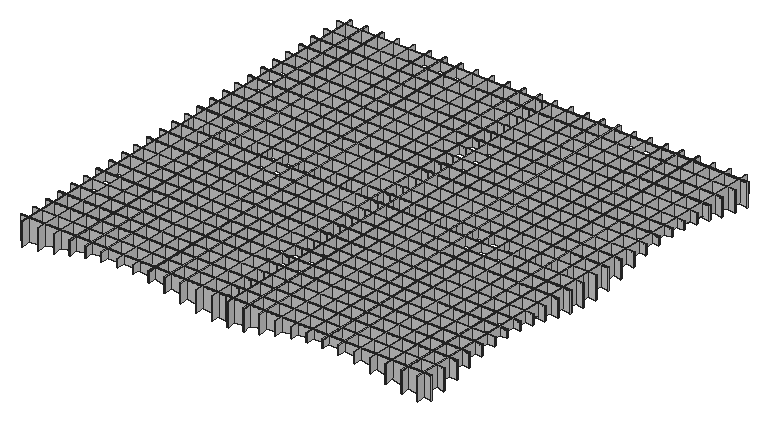
Revit family "CLD-WFL-002_RFA", category Modelos genéricos, Revit 2022 (continued)
Forms (in)
  Extrusion 116, solid
    sketch origin (45.92722, 108, 0) x (0, -1, 0) y (0, 0, 1)
      loop
        spline (70.38178, 1.54441) -> (71.11719, 1.68452) -> (71.85174, 1.82919) -> (72.58551, 1.97812) -> (73.31855, 2.13097) -> (74.05091, 2.28743) -> (74.78265, 2.44718) -> (75.51383, 2.60988) -> (76.24449, 2.77524) -> (76.97471, 2.94291) -> (77.70453, 3.11258) -> (78.43402, 3.28394) -> (79.16322, 3.45665)
        spline (79.16322, 3.45665) -> (79.81589, 3.61318) -> (80.46845, 3.77015) -> (81.12094, 3.92726) -> (81.77342, 4.08422) -> (82.42595, 4.24075) -> (83.07858, 4.39655) -> (83.73137, 4.55134) -> (84.38439, 4.70482) -> (85.03768, 4.85671) -> (85.6913, 5.00672) -> (86.34531, 5.15455) -> (86.99978, 5.29992)
        spline (86.99978, 5.29992) -> (87.72678, 5.4553) -> (88.45445, 5.60712) -> (89.18284, 5.75506) -> (89.91202, 5.8988) -> (90.64204, 6.03803) -> (91.37299, 6.17243) -> (92.1049, 6.3017) -> (92.83786, 6.42551) -> (93.57191, 6.54354) -> (94.30712, 6.6555) -> (95.04356, 6.76106) -> (95.78122, 6.8601)
        spline (95.78122, 6.8601) -> (96.43065, 6.93786) -> (97.08095, 7.01021) -> (97.73207, 7.07724) -> (98.38393, 7.13903) -> (99.03648, 7.19567) -> (99.68963, 7.24723) -> (100.34334, 7.29382) -> (100.99753, 7.33551) -> (101.65213, 7.37238) -> (102.30709, 7.40452) -> (102.96233, 7.43202) -> (103.61778, 7.45496)
        spline (103.61778, 7.45496) -> (103.98301, 7.46494) -> (104.34826, 7.47372) -> (104.71353, 7.4813) -> (105.0788, 7.48768) -> (105.44406, 7.4929) -> (105.80931, 7.49695) -> (106.17454, 7.49984) -> (106.53973, 7.5016) -> (106.90488, 7.50223) -> (107.26998, 7.50173) -> (107.63503, 7.50014) -> (108, 7.49745)
        line (108, 7.49745) -> (108, 11.82144)
    from -0.11811 to 0
  Extrusion 117, solid
    sketch origin (37.61822, 108, 0) x (0, -1, 0) y (0, 0, 1)
      loop
        line (108, 11.82144) -> (0, 11.82144) -> (0, 6.40455)
        spline (0, 6.40455) -> (0.32561, 6.42139) -> (0.65129, 6.43729) -> (0.97702, 6.45226) -> (1.3028, 6.46628) -> (1.62862, 6.47935) -> (1.95447, 6.49146) -> (2.28035, 6.50259) -> (2.60624, 6.51274) -> (2.93213, 6.52189) -> (3.25803, 6.53005) -> (3.58391, 6.5372) -> (3.90978, 6.54334)
        spline (3.90978, 6.54334) -> (4.64427, 6.55011) -> (5.37852, 6.55208) -> (6.11244, 6.54917) -> (6.84598, 6.5413) -> (7.57905, 6.52839) -> (8.31157, 6.51035) -> (9.04349, 6.4871) -> (9.77471, 6.45856) -> (10.50517, 6.42465) -> (11.23479, 6.38528) -> (11.9635, 6.34038) -> (12.69122, 6.28985)
        spline (12.69122, 6.28985) -> (13.34952, 6.23514) -> (14.00673, 6.17505) -> (14.66285, 6.10968) -> (15.31792, 6.03926) -> (15.97202, 5.96405) -> (16.62518, 5.88427) -> (17.27747, 5.80017) -> (17.92894, 5.712) -> (18.57965, 5.62) -> (19.22966, 5.52441) -> (19.87902, 5.42547) -> (20.52778, 5.32343)
        spline (20.52778, 5.32343) -> (21.26115, 5.20293) -> (21.99402, 5.07965) -> (22.72645, 4.95385) -> (23.4585, 4.82583) -> (24.19025, 4.69586) -> (24.92176, 4.56423) -> (25.65308, 4.43121) -> (26.38429, 4.29709) -> (27.11544, 4.16214) -> (27.84661, 4.02665) -> (28.57785, 3.8909) -> (29.30922, 3.75516)
        spline (29.30922, 3.75516) -> (29.95995, 3.63466) -> (30.61094, 3.51485) -> (31.26223, 3.39599) -> (31.91387, 3.2783) -> (32.56591, 3.16206) -> (33.21841, 3.04749) -> (33.87141, 2.93486) -> (34.52497, 2.8244) -> (35.17914, 2.71637) -> (35.83396, 2.61101) -> (36.48949, 2.50857) -> (37.14578, 2.4093)
        spline (37.14578, 2.4093) -> (37.87194, 2.30632) -> (38.59907, 2.20751) -> (39.32723, 2.11315) -> (40.05647, 2.02349) -> (40.78684, 1.93878) -> (41.51831, 1.85902) -> (42.25083, 1.78415) -> (42.98434, 1.71406) -> (43.71879, 1.64869) -> (44.45413, 1.58794) -> (45.19029, 1.53174) -> (45.92722, 1.47999)
        spline (45.92722, 1.47999) -> (46.57816, 1.44092) -> (47.22964, 1.40553) -> (47.88162, 1.37376) -> (48.53404, 1.34552) -> (49.18687, 1.32076) -> (49.84004, 1.2994) -> (50.49352, 1.28136) -> (51.14725, 1.26658) -> (51.80119, 1.25497) -> (52.45529, 1.24648) -> (53.1095, 1.24101) -> (53.76378, 1.23852)
        spline (53.76378, 1.23852) -> (54.49695, 1.24145) -> (55.23005, 1.2477) -> (55.96302, 1.25736) -> (56.69581, 1.2705) -> (57.42836, 1.2872) -> (58.16063, 1.30755) -> (58.89256, 1.33163) -> (59.62409, 1.35951) -> (60.35518, 1.39128) -> (61.08577, 1.42702) -> (61.8158, 1.46681) -> (62.54522, 1.51073)
        spline (62.54522, 1.51073) -> (63.20286, 1.5569) -> (63.85981, 1.60706) -> (64.51602, 1.66127) -> (65.17144, 1.7196) -> (65.82603, 1.78214) -> (66.47973, 1.84896) -> (67.1325, 1.92013) -> (67.78428, 1.99572) -> (68.43505, 2.07573) -> (69.08486, 2.15994) -> (69.73376, 2.24811) -> (70.38178, 2.34001)
        spline (70.38178, 2.34001) -> (71.11719, 2.45082) -> (71.85175, 2.56518) -> (72.58552, 2.6828) -> (73.31856, 2.80343) -> (74.05092, 2.92677) -> (74.78266, 3.05256) -> (75.51384, 3.1805) -> (76.2445, 3.31033) -> (76.97472, 3.44177) -> (77.70454, 3.57454) -> (78.43402, 3.70836) -> (79.16322, 3.84296)
        spline (79.16322, 3.84296) -> (79.81589, 3.96449) -> (80.46845, 4.08604) -> (81.12094, 4.20735) -> (81.77342, 4.32817) -> (82.42595, 4.44826) -> (83.07858, 4.56736) -> (83.73137, 4.68523) -> (84.38439, 4.80161) -> (85.03768, 4.91625) -> (85.6913, 5.02891) -> (86.34531, 5.13933) -> (86.99978, 5.24726)
        spline (86.99978, 5.24726) -> (87.72678, 5.36123) -> (88.45444, 5.47173) -> (89.18283, 5.57848) -> (89.91201, 5.68121) -> (90.64203, 5.77964) -> (91.37298, 5.87351) -> (92.10489, 5.96254) -> (92.83785, 6.04646) -> (93.5719, 6.125) -> (94.30712, 6.19789) -> (95.04356, 6.26486) -> (95.78122, 6.32579)
        spline (95.78122, 6.32579) -> (96.46987, 6.37175) -> (97.15943, 6.41238) -> (97.84985, 6.44778) -> (98.54104, 6.47801) -> (99.23294, 6.50316) -> (99.92548, 6.5233) -> (100.61859, 6.53851) -> (101.3122, 6.54886) -> (102.00624, 6.55445) -> (102.70063, 6.55534) -> (103.39532, 6.55161) -> (104.09022, 6.54334)
        spline (104.09022, 6.54334) -> (104.41609, 6.5372) -> (104.74197, 6.53005) -> (105.06787, 6.52189) -> (105.39376, 6.51274) -> (105.71965, 6.50259) -> (106.04553, 6.49146) -> (106.37138, 6.47935) -> (106.6972, 6.46628) -> (107.02298, 6.45226) -> (107.34871, 6.43729) -> (107.67439, 6.42139) -> (108, 6.40455)
        line (108, 6.40455) -> (108, 11.82144)
    from -0.11811 to 0
  Extrusion 118, solid
    sketch origin (29.30922, 108, 0) x (0, -1, 0) y (0, 0, 1)
      loop
        line (108, 11.82144) -> (0, 11.82144) -> (0, 4.58891)
        spline (0, 4.58891) -> (0.32561, 4.62796) -> (0.65129, 4.66617) -> (0.97702, 4.70353) -> (1.3028, 4.74004) -> (1.62862, 4.77569) -> (1.95447, 4.81048) -> (2.28035, 4.84439) -> (2.60624, 4.87743) -> (2.93213, 4.90957) -> (3.25803, 4.94083) -> (3.58391, 4.97119) -> (3.90978, 5.00064)
        spline (3.90978, 5.00064) -> (4.64427, 5.06081) -> (5.37851, 5.11675) -> (6.11244, 5.16838) -> (6.84597, 5.21566) -> (7.57904, 5.25851) -> (8.31157, 5.29688) -> (9.04348, 5.33072) -> (9.7747, 5.35995) -> (10.50516, 5.38452) -> (11.23478, 5.40437) -> (11.96349, 5.41944) -> (12.69122, 5.42966)
        spline (12.69122, 5.42966) -> (13.34952, 5.43128) -> (14.00673, 5.42829) -> (14.66285, 5.42076) -> (15.31792, 5.40886) -> (15.97202, 5.39278) -> (16.62518, 5.37269) -> (17.27747, 5.34877) -> (17.92894, 5.32119) -> (18.57965, 5.29014) -> (19.22966, 5.2558) -> (19.87902, 5.21833) -> (20.52778, 5.17793)
        spline (20.52778, 5.17793) -> (21.26115, 5.12722) -> (21.99402, 5.0737) -> (22.72645, 5.01759) -> (23.45851, 4.95908) -> (24.19025, 4.89838) -> (24.92176, 4.8357) -> (25.65308, 4.77124) -> (26.38429, 4.70521) -> (27.11544, 4.63782) -> (27.84661, 4.56926) -> (28.57785, 4.49975) -> (29.30922, 4.42949)
        spline (29.30922, 4.42949) -> (29.95995, 4.366) -> (30.61094, 4.30234) -> (31.26223, 4.2387) -> (31.91387, 4.17525) -> (32.56591, 4.11218) -> (33.21841, 4.04966) -> (33.87141, 3.98789) -> (34.52497, 3.92703) -> (35.17914, 3.86728) -> (35.83396, 3.80881) -> (36.48949, 3.75181) -> (37.14578, 3.69645)
        spline (37.14578, 3.69645) -> (37.87194, 3.63892) -> (38.59907, 3.58371) -> (39.32723, 3.53102) -> (40.05647, 3.48105) -> (40.78684, 3.43397) -> (41.51831, 3.38979) -> (42.25083, 3.34845) -> (42.98434, 3.30989) -> (43.7188, 3.27405) -> (44.45413, 3.24086) -> (45.19029, 3.21027) -> (45.92722, 3.18221)
        spline (45.92722, 3.18221) -> (46.57816, 3.16116) -> (47.22964, 3.14217) -> (47.88162, 3.12519) -> (48.53404, 3.11017) -> (49.18687, 3.09705) -> (49.84004, 3.08579) -> (50.49352, 3.07632) -> (51.14725, 3.06859) -> (51.80119, 3.06255) -> (52.45529, 3.05816) -> (53.1095, 3.05535) -> (53.76378, 3.05407)
        spline (53.76378, 3.05407) -> (54.49695, 3.0556) -> (55.23004, 3.05885) -> (55.96301, 3.06387) -> (56.6958, 3.07073) -> (57.42836, 3.07948) -> (58.16062, 3.09019) -> (58.89255, 3.10292) -> (59.62409, 3.11771) -> (60.35517, 3.13464) -> (61.08576, 3.15376) -> (61.81579, 3.17514) -> (62.54522, 3.19882)
        spline (62.54522, 3.19882) -> (63.20286, 3.22386) -> (63.85981, 3.25117) -> (64.51602, 3.28078) -> (65.17144, 3.31277) -> (65.82603, 3.34719) -> (66.47973, 3.38408) -> (67.1325, 3.42351) -> (67.78428, 3.46553) -> (68.43505, 3.51013) -> (69.08486, 3.55715) -> (69.73376, 3.60642) -> (70.38178, 3.65777)
        spline (70.38178, 3.65777) -> (71.1172, 3.71948) -> (71.85176, 3.78304) -> (72.58554, 3.84824) -> (73.31858, 3.91488) -> (74.05094, 3.98275) -> (74.78268, 4.05166) -> (75.51385, 4.12139) -> (76.24452, 4.19176) -> (76.97473, 4.26254) -> (77.70455, 4.33354) -> (78.43403, 4.40456) -> (79.16322, 4.47539)
        spline (79.16322, 4.47539) -> (79.80403, 4.53723) -> (80.44473, 4.59841) -> (81.08536, 4.65876) -> (81.72599, 4.7181) -> (82.36666, 4.77623) -> (83.00743, 4.83299) -> (83.64836, 4.88819) -> (84.28951, 4.94166) -> (84.93093, 4.9932) -> (85.57267, 5.04265) -> (86.21481, 5.08982) -> (86.85738, 5.13453)
        spline (86.85738, 5.13453) -> (87.59614, 5.18092) -> (88.33559, 5.22395) -> (89.07577, 5.26344) -> (89.81676, 5.29917) -> (90.55862, 5.33094) -> (91.30141, 5.35856) -> (92.04519, 5.38181) -> (92.79004, 5.4005) -> (93.53601, 5.41442) -> (94.28316, 5.42338) -> (95.03157, 5.42716) -> (95.78122, 5.4257)
        spline (95.78122, 5.4257) -> (96.43065, 5.41648) -> (97.08095, 5.40294) -> (97.73207, 5.38513) -> (98.38393, 5.36311) -> (99.03648, 5.33693) -> (99.68963, 5.30665) -> (100.34334, 5.27231) -> (100.99753, 5.23398) -> (101.65213, 5.19169) -> (102.30709, 5.14552) -> (102.96233, 5.09551) -> (103.61778, 5.04172)
        spline (103.61778, 5.04172) -> (103.98301, 5.00943) -> (104.34827, 4.97613) -> (104.71354, 4.94182) -> (105.07881, 4.90651) -> (105.44407, 4.8702) -> (105.80932, 4.83291) -> (106.17455, 4.79465) -> (106.53974, 4.75541) -> (106.90489, 4.71521) -> (107.26999, 4.67406) -> (107.63503, 4.63196) -> (108, 4.58891)
        line (108, 4.58891) -> (108, 11.82144)
    from -0.11811 to 0
  Extrusion 119, solid
    sketch origin (21.00022, 108, 0) x (0, -1, 0) y (0, 0, 1)
      loop
        line (108, 11.82144) -> (0, 11.82144) -> (0, 2.55729)
        spline (0, 2.55729) -> (0.32561, 2.61504) -> (0.65129, 2.67215) -> (0.97702, 2.72862) -> (1.3028, 2.78445) -> (1.62862, 2.83963) -> (1.95447, 2.89415) -> (2.28035, 2.94802) -> (2.60624, 3.00123) -> (2.93213, 3.05379) -> (3.25803, 3.10567) -> (3.58391, 3.15689) -> (3.90978, 3.20744)
        spline (3.90978, 3.20744) -> (4.64427, 3.31686) -> (5.37851, 3.42317) -> (6.11243, 3.52634) -> (6.84596, 3.62635) -> (7.57903, 3.72316) -> (8.31156, 3.81675) -> (9.04347, 3.90709) -> (9.77469, 3.99415) -> (10.50515, 4.07789) -> (11.23478, 4.1583) -> (11.96349, 4.23534) -> (12.69122, 4.30898)
        spline (12.69122, 4.30898) -> (13.34952, 4.37039) -> (14.00673, 4.4286) -> (14.66285, 4.48364) -> (15.31792, 4.53559) -> (15.97202, 4.58455) -> (16.62518, 4.63059) -> (17.27747, 4.67381) -> (17.92894, 4.71429) -> (18.57965, 4.75212) -> (19.22966, 4.78738) -> (19.87902, 4.82016) -> (20.52778, 4.85054)
        spline (20.52778, 4.85054) -> (21.26115, 4.88062) -> (21.99402, 4.90823) -> (22.72646, 4.93347) -> (23.45851, 4.95644) -> (24.19026, 4.97724) -> (24.92176, 4.99598) -> (25.65309, 5.01275) -> (26.38429, 5.02764) -> (27.11545, 5.04077) -> (27.84661, 5.05223) -> (28.57785, 5.06211) -> (29.30922, 5.07053)
        spline (29.30922, 5.07053) -> (29.95995, 5.07584) -> (30.61094, 5.08009) -> (31.26223, 5.08336) -> (31.91387, 5.08574) -> (32.56591, 5.08733) -> (33.21841, 5.0882) -> (33.87141, 5.08846) -> (34.52497, 5.08817) -> (35.17914, 5.08744) -> (35.83396, 5.08636) -> (36.48949, 5.085) -> (37.14578, 5.08346)
        spline (37.14578, 5.08346) -> (37.87194, 5.08165) -> (38.59907, 5.0799) -> (39.32723, 5.0783) -> (40.05647, 5.07696) -> (40.78684, 5.07594) -> (41.51831, 5.07527) -> (42.25083, 5.07491) -> (42.98434, 5.07483) -> (43.7188, 5.075) -> (44.45413, 5.07538) -> (45.19029, 5.07596) -> (45.92722, 5.0767)
        spline (45.92722, 5.0767) -> (46.57816, 5.07753) -> (47.22964, 5.07843) -> (47.88162, 5.07937) -> (48.53404, 5.08033) -> (49.18687, 5.08128) -> (49.84004, 5.0822) -> (50.49352, 5.08306) -> (51.14725, 5.08383) -> (51.80119, 5.0845) -> (52.45529, 5.08503) -> (53.1095, 5.0854) -> (53.76378, 5.08558)
        spline (53.76378, 5.08558) -> (54.49695, 5.08542) -> (55.23004, 5.08505) -> (55.96301, 5.0845) -> (56.6958, 5.0838) -> (57.42835, 5.08298) -> (58.16062, 5.08206) -> (58.89255, 5.08107) -> (59.62408, 5.08005) -> (60.35517, 5.07902) -> (61.08576, 5.07801) -> (61.81579, 5.07705) -> (62.54522, 5.07616)
        spline (62.54522, 5.07616) -> (63.20286, 5.07551) -> (63.85981, 5.075) -> (64.51602, 5.07466) -> (65.17144, 5.07452) -> (65.82603, 5.0746) -> (66.47973, 5.07493) -> (67.1325, 5.07554) -> (67.78428, 5.07645) -> (68.43505, 5.07766) -> (69.08486, 5.07909) -> (69.73376, 5.08066) -> (70.38178, 5.08229)
        spline (70.38178, 5.08229) -> (71.1172, 5.08386) -> (71.85177, 5.08523) -> (72.58555, 5.08629) -> (73.31859, 5.08695) -> (74.05095, 5.08712) -> (74.78269, 5.08668) -> (75.51386, 5.08555) -> (76.24453, 5.08362) -> (76.97474, 5.08079) -> (77.70455, 5.07697) -> (78.43403, 5.07206) -> (79.16322, 5.06596)
        spline (79.16322, 5.06596) -> (79.81589, 5.05858) -> (80.46845, 5.04989) -> (81.12094, 5.0398) -> (81.77342, 5.02821) -> (82.42595, 5.01505) -> (83.07858, 5.00022) -> (83.73137, 4.98363) -> (84.38439, 4.9652) -> (85.03768, 4.94483) -> (85.6913, 4.92244) -> (86.34531, 4.89793) -> (86.99978, 4.87123)
        spline (86.99978, 4.87123) -> (87.72677, 4.83707) -> (88.45442, 4.80022) -> (89.18281, 4.7606) -> (89.91198, 4.7181) -> (90.642, 4.67263) -> (91.37294, 4.62408) -> (92.10486, 4.57237) -> (92.83781, 4.5174) -> (93.57187, 4.45907) -> (94.3071, 4.39728) -> (95.04355, 4.33194) -> (95.78122, 4.26301)
        spline (95.78122, 4.26301) -> (96.43065, 4.19725) -> (97.08095, 4.12847) -> (97.73207, 4.05667) -> (98.38393, 3.9819) -> (99.03648, 3.90417) -> (99.68963, 3.82352) -> (100.34334, 3.73996) -> (100.99753, 3.65352) -> (101.65213, 3.56424) -> (102.30709, 3.47213) -> (102.96233, 3.37722) -> (103.61778, 3.27954)
        spline (103.61778, 3.27954) -> (103.98302, 3.22342) -> (104.34828, 3.16655) -> (104.71355, 3.10893) -> (105.07882, 3.05057) -> (105.44409, 2.99146) -> (105.80934, 2.93162) -> (106.17456, 2.87105) -> (106.53976, 2.80974) -> (106.9049, 2.74771) -> (107.27, 2.68496) -> (107.63504, 2.62148) -> (108, 2.55729)
        line (108, 2.55729) -> (108, 11.82144)
    from -0.11811 to 0
  Extrusion 120, solid
    sketch origin (12.69122, 108, 0) x (0, -1, 0) y (0, 0, 1)
      loop
        line (108, 11.82144) -> (0, 11.82144) -> (0, 0.88375)
        spline (0, 0.88375) -> (0.32561, 0.94348) -> (0.65129, 1.00296) -> (0.97702, 1.06219) -> (1.3028, 1.12116) -> (1.62862, 1.1799) -> (1.95447, 1.23838) -> (2.28035, 1.29662) -> (2.60624, 1.35462) -> (2.93213, 1.41237) -> (3.25803, 1.46988) -> (3.58391, 1.52715) -> (3.90978, 1.58418)
        spline (3.90978, 1.58418) -> (4.64426, 1.71122) -> (5.37851, 1.8372) -> (6.11243, 1.96212) -> (6.84596, 2.086) -> (7.57903, 2.20885) -> (8.31155, 2.33067) -> (9.04347, 2.45149) -> (9.77469, 2.57131) -> (10.50515, 2.69014) -> (11.23478, 2.80798) -> (11.96349, 2.92486) -> (12.69122, 3.04079)
        spline (12.69122, 3.04079) -> (13.34952, 3.14441) -> (14.00673, 3.24717) -> (14.66285, 3.34906) -> (15.31792, 3.45005) -> (15.97202, 3.55011) -> (16.62518, 3.64921) -> (17.27747, 3.74732) -> (17.92894, 3.8444) -> (18.57965, 3.94043) -> (19.22966, 4.03537) -> (19.87902, 4.12919) -> (20.52778, 4.22187)
        spline (20.52778, 4.22187) -> (21.26116, 4.32437) -> (21.99403, 4.42546) -> (22.72646, 4.52511) -> (23.45852, 4.62328) -> (24.19027, 4.71993) -> (24.92177, 4.81503) -> (25.6531, 4.90854) -> (26.3843, 5.00042) -> (27.11545, 5.09065) -> (27.84662, 5.17918) -> (28.57786, 5.26598) -> (29.30922, 5.35101)
        spline (29.30922, 5.35101) -> (29.95995, 5.42391) -> (30.61094, 5.49516) -> (31.26223, 5.56472) -> (31.91387, 5.63257) -> (32.56591, 5.69867) -> (33.21841, 5.763) -> (33.87141, 5.82551) -> (34.52497, 5.88618) -> (35.17914, 5.94498) -> (35.83396, 6.00187) -> (36.48949, 6.05683) -> (37.14578, 6.10982)
        spline (37.14578, 6.10982) -> (37.87194, 6.16453) -> (38.59907, 6.21702) -> (39.32723, 6.26723) -> (40.05647, 6.31514) -> (40.78684, 6.36072) -> (41.51831, 6.40397) -> (42.25083, 6.44489) -> (42.98434, 6.4835) -> (43.71879, 6.51981) -> (44.45413, 6.55383) -> (45.19029, 6.58557) -> (45.92722, 6.61503)
        spline (45.92722, 6.61503) -> (46.57816, 6.6376) -> (47.22964, 6.65822) -> (47.88162, 6.67689) -> (48.53404, 6.69363) -> (49.18687, 6.70845) -> (49.84004, 6.72134) -> (50.49352, 6.73234) -> (51.14725, 6.74143) -> (51.80119, 6.74863) -> (52.45529, 6.75396) -> (53.1095, 6.75742) -> (53.76378, 6.75901)
        spline (53.76378, 6.75901) -> (54.49695, 6.7572) -> (55.23004, 6.75331) -> (55.96301, 6.74732) -> (56.6958, 6.73922) -> (57.42835, 6.72901) -> (58.16062, 6.71667) -> (58.89255, 6.7022) -> (59.62408, 6.68557) -> (60.35517, 6.66679) -> (61.08576, 6.64585) -> (61.81579, 6.62272) -> (62.54522, 6.59741)
        spline (62.54522, 6.59741) -> (63.20286, 6.57112) -> (63.85981, 6.54281) -> (64.51602, 6.51247) -> (65.17144, 6.48008) -> (65.82603, 6.44563) -> (66.47973, 6.40912) -> (67.1325, 6.37054) -> (67.78428, 6.32988) -> (68.43505, 6.28713) -> (69.08486, 6.24233) -> (69.73376, 6.19551) -> (70.38178, 6.14669)
        spline (70.38178, 6.14669) -> (71.1172, 6.08737) -> (71.85177, 6.02584) -> (72.58554, 5.96214) -> (73.31858, 5.89631) -> (74.05094, 5.82838) -> (74.78268, 5.75838) -> (75.51386, 5.68636) -> (76.24452, 5.61234) -> (76.97473, 5.53637) -> (77.70455, 5.45847) -> (78.43403, 5.37869) -> (79.16322, 5.29705)
        spline (79.16322, 5.29705) -> (79.81589, 5.22111) -> (80.46845, 5.14359) -> (81.12094, 5.06452) -> (81.77342, 4.98394) -> (82.42595, 4.90188) -> (83.07858, 4.81837) -> (83.73137, 4.73344) -> (84.38439, 4.64713) -> (85.03768, 4.55947) -> (85.6913, 4.47048) -> (86.34531, 4.3802) -> (86.99978, 4.28866)
        spline (86.99978, 4.28866) -> (87.72677, 4.18488) -> (88.45442, 4.07981) -> (89.1828, 3.97349) -> (89.91197, 3.86595) -> (90.64199, 3.75723) -> (91.37293, 3.64737) -> (92.10485, 3.53639) -> (92.8378, 3.42433) -> (93.57186, 3.31123) -> (94.30709, 3.19712) -> (95.04354, 3.08203) -> (95.78122, 2.96599)
        spline (95.78122, 2.96599) -> (96.4698, 2.85601) -> (97.15931, 2.74512) -> (97.84968, 2.63332) -> (98.54085, 2.52058) -> (99.23273, 2.40692) -> (99.92527, 2.2923) -> (100.61838, 2.17673) -> (101.31201, 2.06019) -> (102.00608, 1.94268) -> (102.70052, 1.82418) -> (103.39525, 1.70469) -> (104.09022, 1.58418)
        spline (104.09022, 1.58418) -> (104.41609, 1.52715) -> (104.74197, 1.46988) -> (105.06787, 1.41237) -> (105.39376, 1.35462) -> (105.71965, 1.29662) -> (106.04553, 1.23838) -> (106.37138, 1.1799) -> (106.6972, 1.12116) -> (107.02298, 1.06219) -> (107.34871, 1.00296) -> (107.67439, 0.94348) -> (108, 0.88375)
        line (108, 0.88375) -> (108, 11.82144)
    from -0.11811 to 0
  Extrusion 121, solid
    sketch origin (61.95467, 108, 0) x (0, -1, 0) y (0, 0, 1)
      loop
        line (108, 11.82144) -> (0, 11.82144) -> (0, 7.49745)
        spline (0, 7.49745) -> (0.32561, 7.50061) -> (0.65129, 7.5028) -> (0.97702, 7.504) -> (1.3028, 7.50421) -> (1.62862, 7.5034) -> (1.95447, 7.50158) -> (2.28035, 7.49874) -> (2.60624, 7.49485) -> (2.93213, 7.48991) -> (3.25803, 7.48392) -> (3.58391, 7.47685) -> (3.90978, 7.46871)
        spline (3.90978, 7.46871) -> (4.64427, 7.44283) -> (5.37852, 7.41184) -> (6.11245, 7.37564) -> (6.84598, 7.33415) -> (7.57905, 7.28726) -> (8.31158, 7.23488) -> (9.04349, 7.17692) -> (9.77471, 7.11327) -> (10.50517, 7.04386) -> (11.23479, 6.96857) -> (11.9635, 6.88732) -> (12.69122, 6.80001)
        spline (12.69122, 6.80001) -> (13.34456, 6.71191) -> (13.99682, 6.61804) -> (14.64799, 6.5185) -> (15.29813, 6.41358) -> (15.94729, 6.30354) -> (16.59553, 6.18867) -> (17.2429, 6.06925) -> (17.88946, 5.94556) -> (18.53527, 5.81787) -> (19.18038, 5.68647) -> (19.82484, 5.55162) -> (20.46871, 5.41362)
        spline (20.46871, 5.41362) -> (21.20701, 5.25043) -> (21.94481, 5.08446) -> (22.68216, 4.91603) -> (23.41914, 4.74548) -> (24.15581, 4.57314) -> (24.89224, 4.39932) -> (25.62848, 4.22436) -> (26.36461, 4.04857) -> (27.10068, 3.8723) -> (27.83677, 3.69586) -> (28.57293, 3.51959) -> (29.30922, 3.3438)
        spline (29.30922, 3.3438) -> (29.95995, 3.18922) -> (30.61094, 3.03586) -> (31.26223, 2.884) -> (31.91387, 2.73392) -> (32.56591, 2.58591) -> (33.21841, 2.44027) -> (33.87141, 2.29726) -> (34.52497, 2.15719) -> (35.17914, 2.02034) -> (35.83396, 1.88699) -> (36.48949, 1.75744) -> (37.14578, 1.63196)
        spline (37.14578, 1.63196) -> (37.87194, 1.50186) -> (38.59907, 1.37703) -> (39.32723, 1.25779) -> (40.05647, 1.14445) -> (40.78684, 1.03728) -> (41.51831, 0.93629) -> (42.25083, 0.84139) -> (42.98434, 0.75249) -> (43.71879, 0.66948) -> (44.45413, 0.59228) -> (45.19029, 0.52078) -> (45.92722, 0.45488)
        spline (45.92722, 0.45488) -> (46.57816, 0.40504) -> (47.22964, 0.35985) -> (47.88162, 0.31924) -> (48.53404, 0.28312) -> (49.18687, 0.2514) -> (49.84004, 0.224) -> (50.49352, 0.20084) -> (51.14725, 0.18183) -> (51.80119, 0.1669) -> (52.45529, 0.15595) -> (53.1095, 0.14891) -> (53.76378, 0.14568)
        spline (53.76378, 0.14568) -> (54.49695, 0.14945) -> (55.23005, 0.1575) -> (55.96302, 0.16993) -> (56.69581, 0.18682) -> (57.42837, 0.20828) -> (58.16064, 0.23439) -> (58.89257, 0.26525) -> (59.6241, 0.30095) -> (60.35518, 0.34158) -> (61.08577, 0.38725) -> (61.8158, 0.43804) -> (62.54522, 0.49405)
        spline (62.54522, 0.49405) -> (63.20286, 0.55285) -> (63.85981, 0.61666) -> (64.51602, 0.68555) -> (65.17144, 0.75961) -> (65.82603, 0.83894) -> (66.47973, 0.92362) -> (67.1325, 1.01374) -> (67.78428, 1.10938) -> (68.43505, 1.21052) -> (69.08486, 1.31692) -> (69.73376, 1.42831) -> (70.38178, 1.54441)
        spline (70.38178, 1.54441) -> (71.11719, 1.68452) -> (71.85174, 1.82919) -> (72.58551, 1.97812) -> (73.31855, 2.13097) -> (74.05091, 2.28743) -> (74.78265, 2.44718) -> (75.51383, 2.60988) -> (76.24449, 2.77524) -> (76.97471, 2.94291) -> (77.70453, 3.11258) -> (78.43402, 3.28394) -> (79.16322, 3.45665)
        spline (79.16322, 3.45665) -> (79.81589, 3.61318) -> (80.46845, 3.77015) -> (81.12094, 3.92726) -> (81.77342, 4.08422) -> (82.42595, 4.24075) -> (83.07858, 4.39655) -> (83.73137, 4.55134) -> (84.38439, 4.70482) -> (85.03768, 4.85671) -> (85.6913, 5.00672) -> (86.34531, 5.15455) -> (86.99978, 5.29992)
        spline (86.99978, 5.29992) -> (87.72678, 5.4553) -> (88.45445, 5.60712) -> (89.18284, 5.75506) -> (89.91202, 5.8988) -> (90.64204, 6.03803) -> (91.37299, 6.17243) -> (92.1049, 6.3017) -> (92.83786, 6.42551) -> (93.57191, 6.54354) -> (94.30712, 6.6555) -> (95.04356, 6.76106) -> (95.78122, 6.8601)
        spline (95.78122, 6.8601) -> (96.43065, 6.93786) -> (97.08095, 7.01021) -> (97.73207, 7.07724) -> (98.38393, 7.13903) -> (99.03648, 7.19567) -> (99.68963, 7.24723) -> (100.34334, 7.29382) -> (100.99753, 7.33551) -> (101.65213, 7.37238) -> (102.30709, 7.40452) -> (102.96233, 7.43202) -> (103.61778, 7.45496)
        spline (103.61778, 7.45496) -> (103.98301, 7.46494) -> (104.34826, 7.47372) -> (104.71353, 7.4813) -> (105.0788, 7.48768) -> (105.44406, 7.4929) -> (105.80931, 7.49695) -> (106.17454, 7.49984) -> (106.53973, 7.5016) -> (106.90488, 7.50223) -> (107.26998, 7.50173) -> (107.63503, 7.50014) -> (108, 7.49745)
        line (108, 7.49745) -> (108, 11.82144)
    from -0.11811 to 0
  Extrusion 122, solid
    sketch origin (62.07278, 108, 0) x (0, -1, 0) y (0, 0, 1)
      loop
        line (108, 11.82144) -> (0, 11.82144) -> (0, 7.49745)
        spline (0, 7.49745) -> (0.32561, 7.50061) -> (0.65129, 7.5028) -> (0.97702, 7.504) -> (1.3028, 7.50421) -> (1.62862, 7.5034) -> (1.95447, 7.50158) -> (2.28035, 7.49874) -> (2.60624, 7.49485) -> (2.93213, 7.48991) -> (3.25803, 7.48392) -> (3.58391, 7.47685) -> (3.90978, 7.46871)
        spline (3.90978, 7.46871) -> (4.64427, 7.44283) -> (5.37852, 7.41184) -> (6.11245, 7.37564) -> (6.84598, 7.33415) -> (7.57905, 7.28726) -> (8.31158, 7.23488) -> (9.04349, 7.17692) -> (9.77471, 7.11327) -> (10.50517, 7.04386) -> (11.23479, 6.96857) -> (11.9635, 6.88732) -> (12.69122, 6.80001)
        spline (12.69122, 6.80001) -> (13.34456, 6.71191) -> (13.99682, 6.61804) -> (14.64799, 6.5185) -> (15.29813, 6.41358) -> (15.94729, 6.30354) -> (16.59553, 6.18867) -> (17.2429, 6.06925) -> (17.88946, 5.94556) -> (18.53527, 5.81787) -> (19.18038, 5.68647) -> (19.82484, 5.55162) -> (20.46871, 5.41362)
        spline (20.46871, 5.41362) -> (21.20701, 5.25043) -> (21.94481, 5.08446) -> (22.68216, 4.91603) -> (23.41914, 4.74548) -> (24.15581, 4.57314) -> (24.89224, 4.39932) -> (25.62848, 4.22436) -> (26.36461, 4.04857) -> (27.10068, 3.8723) -> (27.83677, 3.69586) -> (28.57293, 3.51959) -> (29.30922, 3.3438)
        spline (29.30922, 3.3438) -> (29.95995, 3.18922) -> (30.61094, 3.03586) -> (31.26223, 2.884) -> (31.91387, 2.73392) -> (32.56591, 2.58591) -> (33.21841, 2.44027) -> (33.87141, 2.29726) -> (34.52497, 2.15719) -> (35.17914, 2.02034) -> (35.83396, 1.88699) -> (36.48949, 1.75744) -> (37.14578, 1.63196)
        spline (37.14578, 1.63196) -> (37.87194, 1.50186) -> (38.59907, 1.37703) -> (39.32723, 1.25779) -> (40.05647, 1.14445) -> (40.78684, 1.03728) -> (41.51831, 0.93629) -> (42.25083, 0.84139) -> (42.98434, 0.75249) -> (43.71879, 0.66948) -> (44.45413, 0.59228) -> (45.19029, 0.52078) -> (45.92722, 0.45488)
        spline (45.92722, 0.45488) -> (46.57816, 0.40504) -> (47.22964, 0.35985) -> (47.88162, 0.31924) -> (48.53404, 0.28312) -> (49.18687, 0.2514) -> (49.84004, 0.224) -> (50.49352, 0.20084) -> (51.14725, 0.18183) -> (51.80119, 0.1669) -> (52.45529, 0.15595) -> (53.1095, 0.14891) -> (53.76378, 0.14568)
        spline (53.76378, 0.14568) -> (54.49695, 0.14945) -> (55.23005, 0.1575) -> (55.96302, 0.16993) -> (56.69581, 0.18682) -> (57.42837, 0.20828) -> (58.16064, 0.23439) -> (58.89257, 0.26525) -> (59.6241, 0.30095) -> (60.35518, 0.34158) -> (61.08577, 0.38725) -> (61.8158, 0.43804) -> (62.54522, 0.49405)
        spline (62.54522, 0.49405) -> (63.20286, 0.55285) -> (63.85981, 0.61666) -> (64.51602, 0.68555) -> (65.17144, 0.75961) -> (65.82603, 0.83894) -> (66.47973, 0.92362) -> (67.1325, 1.01374) -> (67.78428, 1.10938) -> (68.43505, 1.21052) -> (69.08486, 1.31692) -> (69.73376, 1.42831) -> (70.38178, 1.54441)
        spline (70.38178, 1.54441) -> (71.11719, 1.68452) -> (71.85174, 1.82919) -> (72.58551, 1.97812) -> (73.31855, 2.13097) -> (74.05091, 2.28743) -> (74.78265, 2.44718) -> (75.51383, 2.60988) -> (76.24449, 2.77524) -> (76.97471, 2.94291) -> (77.70453, 3.11258) -> (78.43402, 3.28394) -> (79.16322, 3.45665)
        spline (79.16322, 3.45665) -> (79.81589, 3.61318) -> (80.46845, 3.77015) -> (81.12094, 3.92726) -> (81.77342, 4.08422) -> (82.42595, 4.24075) -> (83.07858, 4.39655) -> (83.73137, 4.55134) -> (84.38439, 4.70482) -> (85.03768, 4.85671) -> (85.6913, 5.00672) -> (86.34531, 5.15455) -> (86.99978, 5.29992)
        spline (86.99978, 5.29992) -> (87.72678, 5.4553) -> (88.45445, 5.60712) -> (89.18284, 5.75506) -> (89.91202, 5.8988) -> (90.64204, 6.03803) -> (91.37299, 6.17243) -> (92.1049, 6.3017) -> (92.83786, 6.42551) -> (93.57191, 6.54354) -> (94.30712, 6.6555) -> (95.04356, 6.76106) -> (95.78122, 6.8601)
        spline (95.78122, 6.8601) -> (96.43065, 6.93786) -> (97.08095, 7.01021) -> (97.73207, 7.07724) -> (98.38393, 7.13903) -> (99.03648, 7.19567) -> (99.68963, 7.24723) -> (100.34334, 7.29382) -> (100.99753, 7.33551) -> (101.65213, 7.37238) -> (102.30709, 7.40452) -> (102.96233, 7.43202) -> (103.61778, 7.45496)
        spline (103.61778, 7.45496) -> (103.98301, 7.46494) -> (104.34826, 7.47372) -> (104.71353, 7.4813) -> (105.0788, 7.48768) -> (105.44406, 7.4929) -> (105.80931, 7.49695) -> (106.17454, 7.49984) -> (106.53973, 7.5016) -> (106.90488, 7.50223) -> (107.26998, 7.50173) -> (107.63503, 7.50014) -> (108, 7.49745)
        line (108, 7.49745) -> (108, 11.82144)
    from -0.47244 to 0
  Extrusion 123, solid
    sketch origin (62.54522, 108, 0) x (0, -1, 0) y (0, 0, 1)
      loop
        line (108, 11.82144) -> (0, 11.82144) -> (0, 7.49745)
        spline (0, 7.49745) -> (0.32561, 7.50061) -> (0.65129, 7.5028) -> (0.97702, 7.504) -> (1.3028, 7.50421) -> (1.62862, 7.5034) -> (1.95447, 7.50158) -> (2.28035, 7.49874) -> (2.60624, 7.49485) -> (2.93213, 7.48991) -> (3.25803, 7.48392) -> (3.58391, 7.47685) -> (3.90978, 7.46871)
        spline (3.90978, 7.46871) -> (4.64427, 7.44283) -> (5.37852, 7.41184) -> (6.11245, 7.37564) -> (6.84598, 7.33415) -> (7.57905, 7.28726) -> (8.31158, 7.23488) -> (9.04349, 7.17692) -> (9.77471, 7.11327) -> (10.50517, 7.04386) -> (11.23479, 6.96857) -> (11.9635, 6.88732) -> (12.69122, 6.80001)
        spline (12.69122, 6.80001) -> (13.34456, 6.71191) -> (13.99682, 6.61804) -> (14.64799, 6.5185) -> (15.29813, 6.41358) -> (15.94729, 6.30354) -> (16.59553, 6.18867) -> (17.2429, 6.06925) -> (17.88946, 5.94556) -> (18.53527, 5.81787) -> (19.18038, 5.68647) -> (19.82484, 5.55162) -> (20.46871, 5.41362)
        spline (20.46871, 5.41362) -> (21.20701, 5.25043) -> (21.94481, 5.08446) -> (22.68216, 4.91603) -> (23.41914, 4.74548) -> (24.15581, 4.57314) -> (24.89224, 4.39932) -> (25.62848, 4.22436) -> (26.36461, 4.04857) -> (27.10068, 3.8723) -> (27.83677, 3.69586) -> (28.57293, 3.51959) -> (29.30922, 3.3438)
        spline (29.30922, 3.3438) -> (29.95995, 3.18922) -> (30.61094, 3.03586) -> (31.26223, 2.884) -> (31.91387, 2.73392) -> (32.56591, 2.58591) -> (33.21841, 2.44027) -> (33.87141, 2.29726) -> (34.52497, 2.15719) -> (35.17914, 2.02034) -> (35.83396, 1.88699) -> (36.48949, 1.75744) -> (37.14578, 1.63196)
        spline (37.14578, 1.63196) -> (37.87194, 1.50186) -> (38.59907, 1.37703) -> (39.32723, 1.25779) -> (40.05647, 1.14445) -> (40.78684, 1.03728) -> (41.51831, 0.93629) -> (42.25083, 0.84139) -> (42.98434, 0.75249) -> (43.71879, 0.66948) -> (44.45413, 0.59228) -> (45.19029, 0.52078) -> (45.92722, 0.45488)
        spline (45.92722, 0.45488) -> (46.57816, 0.40504) -> (47.22964, 0.35985) -> (47.88162, 0.31924) -> (48.53404, 0.28312) -> (49.18687, 0.2514) -> (49.84004, 0.224) -> (50.49352, 0.20084) -> (51.14725, 0.18183) -> (51.80119, 0.1669) -> (52.45529, 0.15595) -> (53.1095, 0.14891) -> (53.76378, 0.14568)
        spline (53.76378, 0.14568) -> (54.49695, 0.14945) -> (55.23005, 0.1575) -> (55.96302, 0.16993) -> (56.69581, 0.18682) -> (57.42837, 0.20828) -> (58.16064, 0.23439) -> (58.89257, 0.26525) -> (59.6241, 0.30095) -> (60.35518, 0.34158) -> (61.08577, 0.38725) -> (61.8158, 0.43804) -> (62.54522, 0.49405)
        spline (62.54522, 0.49405) -> (63.20286, 0.55285) -> (63.85981, 0.61666) -> (64.51602, 0.68555) -> (65.17144, 0.75961) -> (65.82603, 0.83894) -> (66.47973, 0.92362) -> (67.1325, 1.01374) -> (67.78428, 1.10938) -> (68.43505, 1.21052) -> (69.08486, 1.31692) -> (69.73376, 1.42831) -> (70.38178, 1.54441)
        spline (70.38178, 1.54441) -> (71.11719, 1.68452) -> (71.85174, 1.82919) -> (72.58551, 1.97812) -> (73.31855, 2.13097) -> (74.05091, 2.28743) -> (74.78265, 2.44718) -> (75.51383, 2.60988) -> (76.24449, 2.77524) -> (76.97471, 2.94291) -> (77.70453, 3.11258) -> (78.43402, 3.28394) -> (79.16322, 3.45665)
        spline (79.16322, 3.45665) -> (79.81589, 3.61318) -> (80.46845, 3.77015) -> (81.12094, 3.92726) -> (81.77342, 4.08422) -> (82.42595, 4.24075) -> (83.07858, 4.39655) -> (83.73137, 4.55134) -> (84.38439, 4.70482) -> (85.03768, 4.85671) -> (85.6913, 5.00672) -> (86.34531, 5.15455) -> (86.99978, 5.29992)
        spline (86.99978, 5.29992) -> (87.72678, 5.4553) -> (88.45445, 5.60712) -> (89.18284, 5.75506) -> (89.91202, 5.8988) -> (90.64204, 6.03803) -> (91.37299, 6.17243) -> (92.1049, 6.3017) -> (92.83786, 6.42551) -> (93.57191, 6.54354) -> (94.30712, 6.6555) -> (95.04356, 6.76106) -> (95.78122, 6.8601)
        spline (95.78122, 6.8601) -> (96.43065, 6.93786) -> (97.08095, 7.01021) -> (97.73207, 7.07724) -> (98.38393, 7.13903) -> (99.03648, 7.19567) -> (99.68963, 7.24723) -> (100.34334, 7.29382) -> (100.99753, 7.33551) -> (101.65213, 7.37238) -> (102.30709, 7.40452) -> (102.96233, 7.43202) -> (103.61778, 7.45496)
        spline (103.61778, 7.45496) -> (103.98301, 7.46494) -> (104.34826, 7.47372) -> (104.71353, 7.4813) -> (105.0788, 7.48768) -> (105.44406, 7.4929) -> (105.80931, 7.49695) -> (106.17454, 7.49984) -> (106.53973, 7.5016) -> (106.90488, 7.50223) -> (107.26998, 7.50173) -> (107.63503, 7.50014) -> (108, 7.49745)
        line (108, 7.49745) -> (108, 11.82144)
    from -0.11811 to 0
  Extrusion 124, solid
    sketch origin (70.26367, 108, 0) x (0, -1, 0) y (0, 0, 1)
      loop
        line (108, 11.82144) -> (0, 11.82144) -> (0, 6.40455)
        spline (0, 6.40455) -> (0.32561, 6.42139) -> (0.65129, 6.43729) -> (0.97702, 6.45226) -> (1.3028, 6.46628) -> (1.62862, 6.47935) -> (1.95447, 6.49146) -> (2.28035, 6.50259) -> (2.60624, 6.51274) -> (2.93213, 6.52189) -> (3.25803, 6.53005) -> (3.58391, 6.5372) -> (3.90978, 6.54334)
        spline (3.90978, 6.54334) -> (4.64427, 6.55011) -> (5.37852, 6.55208) -> (6.11244, 6.54917) -> (6.84598, 6.5413) -> (7.57905, 6.52839) -> (8.31157, 6.51035) -> (9.04349, 6.4871) -> (9.77471, 6.45856) -> (10.50517, 6.42465) -> (11.23479, 6.38528) -> (11.9635, 6.34038) -> (12.69122, 6.28985)
        spline (12.69122, 6.28985) -> (13.34952, 6.23514) -> (14.00673, 6.17505) -> (14.66285, 6.10968) -> (15.31792, 6.03926) -> (15.97202, 5.96405) -> (16.62518, 5.88427) -> (17.27747, 5.80017) -> (17.92894, 5.712) -> (18.57965, 5.62) -> (19.22966, 5.52441) -> (19.87902, 5.42547) -> (20.52778, 5.32343)
        spline (20.52778, 5.32343) -> (21.26115, 5.20293) -> (21.99402, 5.07965) -> (22.72645, 4.95385) -> (23.4585, 4.82583) -> (24.19025, 4.69586) -> (24.92176, 4.56423) -> (25.65308, 4.43121) -> (26.38429, 4.29709) -> (27.11544, 4.16214) -> (27.84661, 4.02665) -> (28.57785, 3.8909) -> (29.30922, 3.75516)
        spline (29.30922, 3.75516) -> (29.95995, 3.63466) -> (30.61094, 3.51485) -> (31.26223, 3.39599) -> (31.91387, 3.2783) -> (32.56591, 3.16206) -> (33.21841, 3.04749) -> (33.87141, 2.93486) -> (34.52497, 2.8244) -> (35.17914, 2.71637) -> (35.83396, 2.61101) -> (36.48949, 2.50857) -> (37.14578, 2.4093)
        spline (37.14578, 2.4093) -> (37.87194, 2.30632) -> (38.59907, 2.20751) -> (39.32723, 2.11315) -> (40.05647, 2.02349) -> (40.78684, 1.93878) -> (41.51831, 1.85902) -> (42.25083, 1.78415) -> (42.98434, 1.71406) -> (43.71879, 1.64869) -> (44.45413, 1.58794) -> (45.19029, 1.53174) -> (45.92722, 1.47999)
        spline (45.92722, 1.47999) -> (46.57816, 1.44092) -> (47.22964, 1.40553) -> (47.88162, 1.37376) -> (48.53404, 1.34552) -> (49.18687, 1.32076) -> (49.84004, 1.2994) -> (50.49352, 1.28136) -> (51.14725, 1.26658) -> (51.80119, 1.25497) -> (52.45529, 1.24648) -> (53.1095, 1.24101) -> (53.76378, 1.23852)
        spline (53.76378, 1.23852) -> (54.49695, 1.24145) -> (55.23005, 1.2477) -> (55.96302, 1.25736) -> (56.69581, 1.2705) -> (57.42836, 1.2872) -> (58.16063, 1.30755) -> (58.89256, 1.33163) -> (59.62409, 1.35951) -> (60.35518, 1.39128) -> (61.08577, 1.42702) -> (61.8158, 1.46681) -> (62.54522, 1.51073)
        spline (62.54522, 1.51073) -> (63.20286, 1.5569) -> (63.85981, 1.60706) -> (64.51602, 1.66127) -> (65.17144, 1.7196) -> (65.82603, 1.78214) -> (66.47973, 1.84896) -> (67.1325, 1.92013) -> (67.78428, 1.99572) -> (68.43505, 2.07573) -> (69.08486, 2.15994) -> (69.73376, 2.24811) -> (70.38178, 2.34001)
        spline (70.38178, 2.34001) -> (71.11719, 2.45082) -> (71.85175, 2.56518) -> (72.58552, 2.6828) -> (73.31856, 2.80343) -> (74.05092, 2.92677) -> (74.78266, 3.05256) -> (75.51384, 3.1805) -> (76.2445, 3.31033) -> (76.97472, 3.44177) -> (77.70454, 3.57454) -> (78.43402, 3.70836) -> (79.16322, 3.84296)
        spline (79.16322, 3.84296) -> (79.81589, 3.96449) -> (80.46845, 4.08604) -> (81.12094, 4.20735) -> (81.77342, 4.32817) -> (82.42595, 4.44826) -> (83.07858, 4.56736) -> (83.73137, 4.68523) -> (84.38439, 4.80161) -> (85.03768, 4.91625) -> (85.6913, 5.02891) -> (86.34531, 5.13933) -> (86.99978, 5.24726)
        spline (86.99978, 5.24726) -> (87.72678, 5.36123) -> (88.45444, 5.47173) -> (89.18283, 5.57848) -> (89.91201, 5.68121) -> (90.64203, 5.77964) -> (91.37298, 5.87351) -> (92.10489, 5.96254) -> (92.83785, 6.04646) -> (93.5719, 6.125) -> (94.30712, 6.19789) -> (95.04356, 6.26486) -> (95.78122, 6.32579)
        spline (95.78122, 6.32579) -> (96.46987, 6.37175) -> (97.15943, 6.41238) -> (97.84985, 6.44778) -> (98.54104, 6.47801) -> (99.23294, 6.50316) -> (99.92548, 6.5233) -> (100.61859, 6.53851) -> (101.3122, 6.54886) -> (102.00624, 6.55445) -> (102.70063, 6.55534) -> (103.39532, 6.55161) -> (104.09022, 6.54334)
        spline (104.09022, 6.54334) -> (104.41609, 6.5372) -> (104.74197, 6.53005) -> (105.06787, 6.52189) -> (105.39376, 6.51274) -> (105.71965, 6.50259) -> (106.04553, 6.49146) -> (106.37138, 6.47935) -> (106.6972, 6.46628) -> (107.02298, 6.45226) -> (107.34871, 6.43729) -> (107.67439, 6.42139) -> (108, 6.40455)
        line (108, 6.40455) -> (108, 11.82144)
    from -0.11811 to 0
  Extrusion 125, solid
    sketch origin (70.38178, 108, 0) x (0, -1, 0) y (0, 0, 1)
      loop
        line (108, 11.82144) -> (0, 11.82144) -> (0, 6.40455)
        spline (0, 6.40455) -> (0.32561, 6.42139) -> (0.65129, 6.43729) -> (0.97702, 6.45226) -> (1.3028, 6.46628) -> (1.62862, 6.47935) -> (1.95447, 6.49146) -> (2.28035, 6.50259) -> (2.60624, 6.51274) -> (2.93213, 6.52189) -> (3.25803, 6.53005) -> (3.58391, 6.5372) -> (3.90978, 6.54334)
        spline (3.90978, 6.54334) -> (4.64427, 6.55011) -> (5.37852, 6.55208) -> (6.11244, 6.54917) -> (6.84598, 6.5413) -> (7.57905, 6.52839) -> (8.31157, 6.51035) -> (9.04349, 6.4871) -> (9.77471, 6.45856) -> (10.50517, 6.42465) -> (11.23479, 6.38528) -> (11.9635, 6.34038) -> (12.69122, 6.28985)
        spline (12.69122, 6.28985) -> (13.34952, 6.23514) -> (14.00673, 6.17505) -> (14.66285, 6.10968) -> (15.31792, 6.03926) -> (15.97202, 5.96405) -> (16.62518, 5.88427) -> (17.27747, 5.80017) -> (17.92894, 5.712) -> (18.57965, 5.62) -> (19.22966, 5.52441) -> (19.87902, 5.42547) -> (20.52778, 5.32343)
        spline (20.52778, 5.32343) -> (21.26115, 5.20293) -> (21.99402, 5.07965) -> (22.72645, 4.95385) -> (23.4585, 4.82583) -> (24.19025, 4.69586) -> (24.92176, 4.56423) -> (25.65308, 4.43121) -> (26.38429, 4.29709) -> (27.11544, 4.16214) -> (27.84661, 4.02665) -> (28.57785, 3.8909) -> (29.30922, 3.75516)
        spline (29.30922, 3.75516) -> (29.95995, 3.63466) -> (30.61094, 3.51485) -> (31.26223, 3.39599) -> (31.91387, 3.2783) -> (32.56591, 3.16206) -> (33.21841, 3.04749) -> (33.87141, 2.93486) -> (34.52497, 2.8244) -> (35.17914, 2.71637) -> (35.83396, 2.61101) -> (36.48949, 2.50857) -> (37.14578, 2.4093)
        spline (37.14578, 2.4093) -> (37.87194, 2.30632) -> (38.59907, 2.20751) -> (39.32723, 2.11315) -> (40.05647, 2.02349) -> (40.78684, 1.93878) -> (41.51831, 1.85902) -> (42.25083, 1.78415) -> (42.98434, 1.71406) -> (43.71879, 1.64869) -> (44.45413, 1.58794) -> (45.19029, 1.53174) -> (45.92722, 1.47999)
        spline (45.92722, 1.47999) -> (46.57816, 1.44092) -> (47.22964, 1.40553) -> (47.88162, 1.37376) -> (48.53404, 1.34552) -> (49.18687, 1.32076) -> (49.84004, 1.2994) -> (50.49352, 1.28136) -> (51.14725, 1.26658) -> (51.80119, 1.25497) -> (52.45529, 1.24648) -> (53.1095, 1.24101) -> (53.76378, 1.23852)
        spline (53.76378, 1.23852) -> (54.49695, 1.24145) -> (55.23005, 1.2477) -> (55.96302, 1.25736) -> (56.69581, 1.2705) -> (57.42836, 1.2872) -> (58.16063, 1.30755) -> (58.89256, 1.33163) -> (59.62409, 1.35951) -> (60.35518, 1.39128) -> (61.08577, 1.42702) -> (61.8158, 1.46681) -> (62.54522, 1.51073)
        spline (62.54522, 1.51073) -> (63.20286, 1.5569) -> (63.85981, 1.60706) -> (64.51602, 1.66127) -> (65.17144, 1.7196) -> (65.82603, 1.78214) -> (66.47973, 1.84896) -> (67.1325, 1.92013) -> (67.78428, 1.99572) -> (68.43505, 2.07573) -> (69.08486, 2.15994) -> (69.73376, 2.24811) -> (70.38178, 2.34001)
        spline (70.38178, 2.34001) -> (71.11719, 2.45082) -> (71.85175, 2.56518) -> (72.58552, 2.6828) -> (73.31856, 2.80343) -> (74.05092, 2.92677) -> (74.78266, 3.05256) -> (75.51384, 3.1805) -> (76.2445, 3.31033) -> (76.97472, 3.44177) -> (77.70454, 3.57454) -> (78.43402, 3.70836) -> (79.16322, 3.84296)
        spline (79.16322, 3.84296) -> (79.81589, 3.96449) -> (80.46845, 4.08604) -> (81.12094, 4.20735) -> (81.77342, 4.32817) -> (82.42595, 4.44826) -> (83.07858, 4.56736) -> (83.73137, 4.68523) -> (84.38439, 4.80161) -> (85.03768, 4.91625) -> (85.6913, 5.02891) -> (86.34531, 5.13933) -> (86.99978, 5.24726)
        spline (86.99978, 5.24726) -> (87.72678, 5.36123) -> (88.45444, 5.47173) -> (89.18283, 5.57848) -> (89.91201, 5.68121) -> (90.64203, 5.77964) -> (91.37298, 5.87351) -> (92.10489, 5.96254) -> (92.83785, 6.04646) -> (93.5719, 6.125) -> (94.30712, 6.19789) -> (95.04356, 6.26486) -> (95.78122, 6.32579)
        spline (95.78122, 6.32579) -> (96.46987, 6.37175) -> (97.15943, 6.41238) -> (97.84985, 6.44778) -> (98.54104, 6.47801) -> (99.23294, 6.50316) -> (99.92548, 6.5233) -> (100.61859, 6.53851) -> (101.3122, 6.54886) -> (102.00624, 6.55445) -> (102.70063, 6.55534) -> (103.39532, 6.55161) -> (104.09022, 6.54334)
        spline (104.09022, 6.54334) -> (104.41609, 6.5372) -> (104.74197, 6.53005) -> (105.06787, 6.52189) -> (105.39376, 6.51274) -> (105.71965, 6.50259) -> (106.04553, 6.49146) -> (106.37138, 6.47935) -> (106.6972, 6.46628) -> (107.02298, 6.45226) -> (107.34871, 6.43729) -> (107.67439, 6.42139) -> (108, 6.40455)
        line (108, 6.40455) -> (108, 11.82144)
    from -0.47244 to 0
  Extrusion 126, solid
    sketch origin (70.85422, 108, 0) x (0, -1, 0) y (0, 0, 1)
      loop
        line (108, 11.82144) -> (0, 11.82144) -> (0, 6.40455)
        spline (0, 6.40455) -> (0.32561, 6.42139) -> (0.65129, 6.43729) -> (0.97702, 6.45226) -> (1.3028, 6.46628) -> (1.62862, 6.47935) -> (1.95447, 6.49146) -> (2.28035, 6.50259) -> (2.60624, 6.51274) -> (2.93213, 6.52189) -> (3.25803, 6.53005) -> (3.58391, 6.5372) -> (3.90978, 6.54334)
        spline (3.90978, 6.54334) -> (4.64427, 6.55011) -> (5.37852, 6.55208) -> (6.11244, 6.54917) -> (6.84598, 6.5413) -> (7.57905, 6.52839) -> (8.31157, 6.51035) -> (9.04349, 6.4871) -> (9.77471, 6.45856) -> (10.50517, 6.42465) -> (11.23479, 6.38528) -> (11.9635, 6.34038) -> (12.69122, 6.28985)
        spline (12.69122, 6.28985) -> (13.34952, 6.23514) -> (14.00673, 6.17505) -> (14.66285, 6.10968) -> (15.31792, 6.03926) -> (15.97202, 5.96405) -> (16.62518, 5.88427) -> (17.27747, 5.80017) -> (17.92894, 5.712) -> (18.57965, 5.62) -> (19.22966, 5.52441) -> (19.87902, 5.42547) -> (20.52778, 5.32343)
        spline (20.52778, 5.32343) -> (21.26115, 5.20293) -> (21.99402, 5.07965) -> (22.72645, 4.95385) -> (23.4585, 4.82583) -> (24.19025, 4.69586) -> (24.92176, 4.56423) -> (25.65308, 4.43121) -> (26.38429, 4.29709) -> (27.11544, 4.16214) -> (27.84661, 4.02665) -> (28.57785, 3.8909) -> (29.30922, 3.75516)
        spline (29.30922, 3.75516) -> (29.95995, 3.63466) -> (30.61094, 3.51485) -> (31.26223, 3.39599) -> (31.91387, 3.2783) -> (32.56591, 3.16206) -> (33.21841, 3.04749) -> (33.87141, 2.93486) -> (34.52497, 2.8244) -> (35.17914, 2.71637) -> (35.83396, 2.61101) -> (36.48949, 2.50857) -> (37.14578, 2.4093)
        spline (37.14578, 2.4093) -> (37.87194, 2.30632) -> (38.59907, 2.20751) -> (39.32723, 2.11315) -> (40.05647, 2.02349) -> (40.78684, 1.93878) -> (41.51831, 1.85902) -> (42.25083, 1.78415) -> (42.98434, 1.71406) -> (43.71879, 1.64869) -> (44.45413, 1.58794) -> (45.19029, 1.53174) -> (45.92722, 1.47999)
        spline (45.92722, 1.47999) -> (46.57816, 1.44092) -> (47.22964, 1.40553) -> (47.88162, 1.37376) -> (48.53404, 1.34552) -> (49.18687, 1.32076) -> (49.84004, 1.2994) -> (50.49352, 1.28136) -> (51.14725, 1.26658) -> (51.80119, 1.25497) -> (52.45529, 1.24648) -> (53.1095, 1.24101) -> (53.76378, 1.23852)
        spline (53.76378, 1.23852) -> (54.49695, 1.24145) -> (55.23005, 1.2477) -> (55.96302, 1.25736) -> (56.69581, 1.2705) -> (57.42836, 1.2872) -> (58.16063, 1.30755) -> (58.89256, 1.33163) -> (59.62409, 1.35951) -> (60.35518, 1.39128) -> (61.08577, 1.42702) -> (61.8158, 1.46681) -> (62.54522, 1.51073)
        spline (62.54522, 1.51073) -> (63.20286, 1.5569) -> (63.85981, 1.60706) -> (64.51602, 1.66127) -> (65.17144, 1.7196) -> (65.82603, 1.78214) -> (66.47973, 1.84896) -> (67.1325, 1.92013) -> (67.78428, 1.99572) -> (68.43505, 2.07573) -> (69.08486, 2.15994) -> (69.73376, 2.24811) -> (70.38178, 2.34001)
        spline (70.38178, 2.34001) -> (71.11719, 2.45082) -> (71.85175, 2.56518) -> (72.58552, 2.6828) -> (73.31856, 2.80343) -> (74.05092, 2.92677) -> (74.78266, 3.05256) -> (75.51384, 3.1805) -> (76.2445, 3.31033) -> (76.97472, 3.44177) -> (77.70454, 3.57454) -> (78.43402, 3.70836) -> (79.16322, 3.84296)
        spline (79.16322, 3.84296) -> (79.81589, 3.96449) -> (80.46845, 4.08604) -> (81.12094, 4.20735) -> (81.77342, 4.32817) -> (82.42595, 4.44826) -> (83.07858, 4.56736) -> (83.73137, 4.68523) -> (84.38439, 4.80161) -> (85.03768, 4.91625) -> (85.6913, 5.02891) -> (86.34531, 5.13933) -> (86.99978, 5.24726)
        spline (86.99978, 5.24726) -> (87.72678, 5.36123) -> (88.45444, 5.47173) -> (89.18283, 5.57848) -> (89.91201, 5.68121) -> (90.64203, 5.77964) -> (91.37298, 5.87351) -> (92.10489, 5.96254) -> (92.83785, 6.04646) -> (93.5719, 6.125) -> (94.30712, 6.19789) -> (95.04356, 6.26486) -> (95.78122, 6.32579)
        spline (95.78122, 6.32579) -> (96.46987, 6.37175) -> (97.15943, 6.41238) -> (97.84985, 6.44778) -> (98.54104, 6.47801) -> (99.23294, 6.50316) -> (99.92548, 6.5233) -> (100.61859, 6.53851) -> (101.3122, 6.54886) -> (102.00624, 6.55445) -> (102.70063, 6.55534) -> (103.39532, 6.55161) -> (104.09022, 6.54334)
        spline (104.09022, 6.54334) -> (104.41609, 6.5372) -> (104.74197, 6.53005) -> (105.06787, 6.52189) -> (105.39376, 6.51274) -> (105.71965, 6.50259) -> (106.04553, 6.49146) -> (106.37138, 6.47935) -> (106.6972, 6.46628) -> (107.02298, 6.45226) -> (107.34871, 6.43729) -> (107.67439, 6.42139) -> (108, 6.40455)
        line (108, 6.40455) -> (108, 11.82144)
    from -0.11811 to 0
  Extrusion 127, solid
    sketch origin (78.57267, 108, 0) x (0, -1, 0) y (0, 0, 1)
      loop
        line (108, 11.82144) -> (0, 11.82144) -> (0, 4.58891)
        spline (0, 4.58891) -> (0.32561, 4.62796) -> (0.65129, 4.66617) -> (0.97702, 4.70353) -> (1.3028, 4.74004) -> (1.62862, 4.77569) -> (1.95447, 4.81048) -> (2.28035, 4.84439) -> (2.60624, 4.87743) -> (2.93213, 4.90957) -> (3.25803, 4.94083) -> (3.58391, 4.97119) -> (3.90978, 5.00064)
        spline (3.90978, 5.00064) -> (4.64427, 5.06081) -> (5.37851, 5.11675) -> (6.11244, 5.16838) -> (6.84597, 5.21566) -> (7.57904, 5.25851) -> (8.31157, 5.29688) -> (9.04348, 5.33072) -> (9.7747, 5.35995) -> (10.50516, 5.38452) -> (11.23478, 5.40437) -> (11.96349, 5.41944) -> (12.69122, 5.42966)
        spline (12.69122, 5.42966) -> (13.34952, 5.43128) -> (14.00673, 5.42829) -> (14.66285, 5.42076) -> (15.31792, 5.40886) -> (15.97202, 5.39278) -> (16.62518, 5.37269) -> (17.27747, 5.34877) -> (17.92894, 5.32119) -> (18.57965, 5.29014) -> (19.22966, 5.2558) -> (19.87902, 5.21833) -> (20.52778, 5.17793)
        spline (20.52778, 5.17793) -> (21.26115, 5.12722) -> (21.99402, 5.0737) -> (22.72645, 5.01759) -> (23.45851, 4.95908) -> (24.19025, 4.89838) -> (24.92176, 4.8357) -> (25.65308, 4.77124) -> (26.38429, 4.70521) -> (27.11544, 4.63782) -> (27.84661, 4.56926) -> (28.57785, 4.49975) -> (29.30922, 4.42949)
        spline (29.30922, 4.42949) -> (29.95995, 4.366) -> (30.61094, 4.30234) -> (31.26223, 4.2387) -> (31.91387, 4.17525) -> (32.56591, 4.11218) -> (33.21841, 4.04966) -> (33.87141, 3.98789) -> (34.52497, 3.92703) -> (35.17914, 3.86728) -> (35.83396, 3.80881) -> (36.48949, 3.75181) -> (37.14578, 3.69645)
        spline (37.14578, 3.69645) -> (37.87194, 3.63892) -> (38.59907, 3.58371) -> (39.32723, 3.53102) -> (40.05647, 3.48105) -> (40.78684, 3.43397) -> (41.51831, 3.38979) -> (42.25083, 3.34845) -> (42.98434, 3.30989) -> (43.7188, 3.27405) -> (44.45413, 3.24086) -> (45.19029, 3.21027) -> (45.92722, 3.18221)
        spline (45.92722, 3.18221) -> (46.57816, 3.16116) -> (47.22964, 3.14217) -> (47.88162, 3.12519) -> (48.53404, 3.11017) -> (49.18687, 3.09705) -> (49.84004, 3.08579) -> (50.49352, 3.07632) -> (51.14725, 3.06859) -> (51.80119, 3.06255) -> (52.45529, 3.05816) -> (53.1095, 3.05535) -> (53.76378, 3.05407)
        spline (53.76378, 3.05407) -> (54.49695, 3.0556) -> (55.23004, 3.05885) -> (55.96301, 3.06387) -> (56.6958, 3.07073) -> (57.42836, 3.07948) -> (58.16062, 3.09019) -> (58.89255, 3.10292) -> (59.62409, 3.11771) -> (60.35517, 3.13464) -> (61.08576, 3.15376) -> (61.81579, 3.17514) -> (62.54522, 3.19882)
        spline (62.54522, 3.19882) -> (63.20286, 3.22386) -> (63.85981, 3.25117) -> (64.51602, 3.28078) -> (65.17144, 3.31277) -> (65.82603, 3.34719) -> (66.47973, 3.38408) -> (67.1325, 3.42351) -> (67.78428, 3.46553) -> (68.43505, 3.51013) -> (69.08486, 3.55715) -> (69.73376, 3.60642) -> (70.38178, 3.65777)
        spline (70.38178, 3.65777) -> (71.1172, 3.71948) -> (71.85176, 3.78304) -> (72.58554, 3.84824) -> (73.31858, 3.91488) -> (74.05094, 3.98275) -> (74.78268, 4.05166) -> (75.51385, 4.12139) -> (76.24452, 4.19176) -> (76.97473, 4.26254) -> (77.70455, 4.33354) -> (78.43403, 4.40456) -> (79.16322, 4.47539)
        spline (79.16322, 4.47539) -> (79.80403, 4.53723) -> (80.44473, 4.59841) -> (81.08536, 4.65876) -> (81.72599, 4.7181) -> (82.36666, 4.77623) -> (83.00743, 4.83299) -> (83.64836, 4.88819) -> (84.28951, 4.94166) -> (84.93093, 4.9932) -> (85.57267, 5.04265) -> (86.21481, 5.08982) -> (86.85738, 5.13453)
        spline (86.85738, 5.13453) -> (87.59614, 5.18092) -> (88.33559, 5.22395) -> (89.07577, 5.26344) -> (89.81676, 5.29917) -> (90.55862, 5.33094) -> (91.30141, 5.35856) -> (92.04519, 5.38181) -> (92.79004, 5.4005) -> (93.53601, 5.41442) -> (94.28316, 5.42338) -> (95.03157, 5.42716) -> (95.78122, 5.4257)
        spline (95.78122, 5.4257) -> (96.43065, 5.41648) -> (97.08095, 5.40294) -> (97.73207, 5.38513) -> (98.38393, 5.36311) -> (99.03648, 5.33693) -> (99.68963, 5.30665) -> (100.34334, 5.27231) -> (100.99753, 5.23398) -> (101.65213, 5.19169) -> (102.30709, 5.14552) -> (102.96233, 5.09551) -> (103.61778, 5.04172)
        spline (103.61778, 5.04172) -> (103.98301, 5.00943) -> (104.34827, 4.97613) -> (104.71354, 4.94182) -> (105.07881, 4.90651) -> (105.44407, 4.8702) -> (105.80932, 4.83291) -> (106.17455, 4.79465) -> (106.53974, 4.75541) -> (106.90489, 4.71521) -> (107.26999, 4.67406) -> (107.63503, 4.63196) -> (108, 4.58891)
        line (108, 4.58891) -> (108, 11.82144)
    from -0.11811 to 0
  Extrusion 128, solid
    sketch origin (78.69078, 108, 0) x (0, -1, 0) y (0, 0, 1)
      loop
        line (108, 11.82144) -> (0, 11.82144) -> (0, 4.58891)
        spline (0, 4.58891) -> (0.32561, 4.62796) -> (0.65129, 4.66617) -> (0.97702, 4.70353) -> (1.3028, 4.74004) -> (1.62862, 4.77569) -> (1.95447, 4.81048) -> (2.28035, 4.84439) -> (2.60624, 4.87743) -> (2.93213, 4.90957) -> (3.25803, 4.94083) -> (3.58391, 4.97119) -> (3.90978, 5.00064)
        spline (3.90978, 5.00064) -> (4.64427, 5.06081) -> (5.37851, 5.11675) -> (6.11244, 5.16838) -> (6.84597, 5.21566) -> (7.57904, 5.25851) -> (8.31157, 5.29688) -> (9.04348, 5.33072) -> (9.7747, 5.35995) -> (10.50516, 5.38452) -> (11.23478, 5.40437) -> (11.96349, 5.41944) -> (12.69122, 5.42966)
        spline (12.69122, 5.42966) -> (13.34952, 5.43128) -> (14.00673, 5.42829) -> (14.66285, 5.42076) -> (15.31792, 5.40886) -> (15.97202, 5.39278) -> (16.62518, 5.37269) -> (17.27747, 5.34877) -> (17.92894, 5.32119) -> (18.57965, 5.29014) -> (19.22966, 5.2558) -> (19.87902, 5.21833) -> (20.52778, 5.17793)
